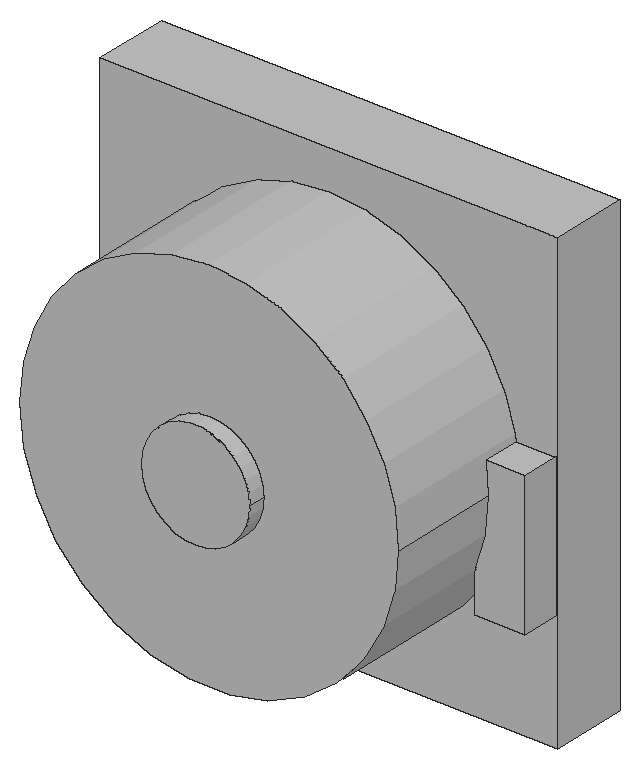
Revit family "ef-30_40b(t)sxc2_d(t)sxc2-fq_50Hz", category 機械設備, Revit 2019
Family settings
  丸型コネクタ寸法 = 直径を使用
  パーツ タイプ = 標準
  OmniClass 番号 = 23.75.35.21.17
  OmniClass タイトル = Industrial Ventilating Equipment
  作業面ベース = いいえ
  常に垂直 = はい
  ロード時にボイドで切り取り = はい
  共有 = いいえ
  部屋計算ポイント = はい
Parameters (values of type "EF-30BSXC2-FQ")
  騒音レベル(dB(A)) [instance] = 44
  風量 [instance] = 設計風量  # 0.0 m³/h
  電源種別 [instance] = ""
  電圧 = 100 V
  電動機出力 = 50 W
  電動機_種別 [instance] = ""
  運転質量 = 0.00 kg
  連動 [instance] = ""
  質量 = if(製品質量 > 運転質量, 製品質量, 運転質量) * 1.2  # 8.40 kg
  負荷分類 = 3_ファン類
  説明 = "産業用有圧換気扇 低騒音形ステンレスタイプ オールステンレス高耐食タイプ 給気専用"
  設計風量 [instance] = 0.0 m³/h
  設置方法 = "壁付"
  記号 [instance] = ""
  製造元 = "三菱電機株式会社"
  製品質量 = 7.00 kg
  製品出荷対象 = "国内"
  製品リリース年月 = "2022年6月1日"
  製品グループ = ""
  羽根径 = "∅300"
  レグ_Depth = 207.9 mm
  系統 [instance] = ""
  符号 [instance] = if(☑給気／□排気, "FS", "FE")  # "FS"
  積算_科目 = ""
  積算_拾い区分 [instance] = ""
  相 = 1
  盤記号 [instance] = ""
  盤工事区分 = ""
  発停方法 [instance] = ""
  特殊仕様 [instance] = ""
  火災停止 [instance] = ""
  消費電力 = 63 W
  法定耐用年数 = "15"
  極数 = 2
  極 = 4
  材質 [instance] = ""
  操作・制御方式 = ""
  操作・制御スイッチ = ""
  排気量 [instance] = if(☑給気／□排気, 0.0 m³/h, 設計風量)  # 0.0 m³/h
  形式 = ""
  幹線記号 [instance] = ""
  対象室 [instance] = ""
  実風量 [instance] = 0.0 m³/h
  始動方式 [instance] = "直入"
  外気量 [instance] = if(☑給気／□排気, 設計風量, 0.0 m³/h)  # 0.0 m³/h
  呼称 = "有圧扇"
  周波数 = 50 Hz
  参照している仕様書等のバージョン = ""
  分類コード = "50052503100110"
  分類グループ = ""
  価格 = 283000
  企業コード = "108420"
  付属品_防振装置 = ""
  付属品 [instance] = ""
  仕様書バージョン = "Version1.0"
  レグ_Width = 413 mm
  レグ_Height = 413 mm
  モーター径 = 99 mm
  モデル = "EF-30BSXC2-FQ"
  ボックス_Width = 46.1 mm
  ボックス_Height = 130.6 mm
  ボックス_Depth = 105.8 mm
  フレームの厚さ = 71 mm
  ファンの種類 = "軸流羽根"
  コメント [instance] = ""
  Keynote = ""
  オリフィス_Depth = 45 mm
  ☑給気／□排気 [instance] = yes
  Width = 420 mm
  Version = ""
  Uniclass2015Version = "Systems v1.9"
  Uniclass2015Title = "Propeller fans"
  Uniclass2015Code = "Pr_65_67_29_67"
  URL = "https://www.mitsubishielectric.co.jp/ldg/wink/ssl/displayProduct.do?pid=319156"
  SpecificationReference = ""
  SpecificationDescription = ""
  Revision = ""
  ProductInformation = ""
  OmniClassCode = "23-33 31 19 11 17"
  MIN風量 = 0.0 m³/h
  MID風量 = 0.0 m³/h
  MAX風量 = 1680.0 m³/h
  IfcTypeProduct = ""
  IfcProduct = ""
  IfcExportType = "TUBEAXIAL"
  IfcExportAs = "IfcFanType"
  Height = 420 mm
  オリフィス径 = 348 mm
  Depth = 224 mm
  Box_W = 162 mm
  Box_H = 108.2 mm
  Author = "三菱電機株式会社"
Types (6, lengths in mm): name | 騒音レベル(dB(A)) | 電圧 | 電動機出力 | 質量 | 製品質量 | 羽根径 | レグ_Depth | 相 | 消費電力 | 極数 | 価格 | モーター径 | モデル | ボックス_Width | ボックス_Height | ボックス_Depth | Width | URL | MAX風量 | Height | オリフィス径 | Depth | Box_W | Box_H
  EF-30BSXC2-FQ | 44 | 100 V | 50 W | 8.40 kg | 7.00 kg | "∅300" | 207.9 | 1 | 63 W | 2 | 283000 | 99 | "EF-30BSXC2-FQ" | 46.1 | 130.6 | 105.8 | 420 | "https://www.mitsubishielectric.co.jp/ldg/wink/ssl/displayProduct.do?pid=319156" | 1680.0 m³/h | 420 | 348 | 224 | 162 | 108.2
  EF-40DSXC2-FQ | 52 | 100 V | 200 W | 18.00 kg | 15.00 kg | "∅400" | 249.9 | 1 | 130 W | 2 | 348000 | 113 | "EF-40DSXC2-FQ" | 46.7 | 131.4 | 118.8 | 520 | "https://www.mitsubishielectric.co.jp/ldg/wink/ssl/displayProduct.do?pid=318477" | 3760.0 m³/h | 520 | 476 | 286 | 213.3 | 184.8
  EF-30BTXC2-FQ_200V | 44 | 200 V | 50 W | 9.00 kg | 7.50 kg | "∅300" | 207.9 | 3 | 56 W | 3 | 283000 | 99 | "EF-30BTXC2-FQ" | 46.1 | 130.6 | 105.8 | 420 | "https://www.mitsubishielectric.co.jp/ldg/wink/ssl/displayProduct.do?pid=319162" | 1680.0 m³/h | 420 | 348 | 224 | 162 | 108.2
  EF-40DTXC2-FQ_200V | 53 | 200 V | 200 W | 18.00 kg | 15.00 kg | "∅400" | 249.9 | 3 | 124 W | 3 | 348000 | 113 | "EF-40DTXC2-FQ" | 46.7 | 131.4 | 118.8 | 520 | "https://www.mitsubishielectric.co.jp/ldg/wink/ssl/displayProduct.do?pid=318483" | 3760.0 m³/h | 520 | 476 | 286 | 213.3 | 184.8
  EF-30BTXC2-FQ_220V | 44.5 | 220 V | 50 W | 9.00 kg | 7.50 kg | "∅300" | 207.9 | 3 | 72.4 W | 3 | 283000 | 99 | "EF-30BTXC2-FQ" | 46.1 | 130.6 | 105.8 | 420 | "https://www.mitsubishielectric.co.jp/ldg/wink/ssl/displayProduct.do?pid=319162" | 1680.0 m³/h | 420 | 348 | 224 | 162 | 108.2
  EF-40DTXC2-FQ_220V | 53.5 | 220 V | 200 W | 18.00 kg | 15.00 kg | "∅400" | 249.9 | 3 | 135 W | 3 | 348000 | 113 | "EF-40DTXC2-FQ" | 46.7 | 131.4 | 118.8 | 520 | "https://www.mitsubishielectric.co.jp/ldg/wink/ssl/displayProduct.do?pid=318483" | 3760.0 m³/h | 520 | 476 | 286 | 213.3 | 184.8
Reference planes
  plane 1 "中心(正面/背面)": y = 0
  plane 2: z = 0
  plane 3 "中心(左/右)": x = 0
  plane 4: z = 0
  plane 5: through (212.832, -1524, 243.759) normal (-0.6508, 0, -0.7593)
  plane 6: through (-212.884, -1524, -243.751) normal (0.6508, 0, 0.7593)
  plane 7: through (208.307, -1524, -247.63) normal (-0.6508, 0, 0.7593)
  plane 8: z = 210
  plane 9: z = -210
  plane 10 "左": x = -210
  plane 11 "右": x = 210
  plane 12 "正面": y = -224
  plane 13: y = -71
  plane 14: through (-208.307, -1524, -247.63) normal (-0.6508, 0, -0.7593)
  plane 15: y = 26
  plane 16: y = 126
  plane 17: x = -250
  plane 18: x = 250
  plane 19: y = -105.8
  plane 20: y = -207.9
  plane 21: x = 162
  plane 22: x = 208.1
  plane 23: z = 28.8
  plane 24: z = -101.8
Forms (mm)
  Extrusion 1, solid, detail levels fine
    sketch origin (0, 0, 0) x (1, 0, 0) y (0, 1, 0)
      loop
        line (-210, 0) -> (-210, -71) -> (210, -71) -> (210, 0) -> (-210, 0)
    from -210 to 210
  Extrusion 2, solid, detail levels fine
    sketch origin (140, -23.659, 0) x (-1, 0, 0) y (0, 0, -1)
      loop
        circle (140, 0) r 49.5
    from 184.241 to 200.341
  Extrusion 3, solid
    sketch origin (0, -153.783, 0) x (1, 0, 0) y (0, 0, 1)
      loop
        circle (0, 0) r 174
    from -82.783 to 54.117
  Extrusion 4, solid
    sketch origin (0, -224, 0) x (0, 0, -1) y (1, 0, 0)
      loop
        line (-28.8, 162) -> (101.8, 162) -> (101.8, 208.1) -> (-28.8, 208.1) -> (-28.8, 162)
    from -153 to -118.2
Cuts and joins
  joined: Extrusion 3, Extrusion 4
Lines and regions (mm)
  Masking region 1, detail levels coarse+medium
    outline origin (0, 0, 0) x (1, 0, 0) y (0, 1, 0)
      loop
        line (-250, -224) -> (250, -224) -> (250, 26) -> (-250, 26) -> (-250, -224)
  Masking region 2, detail levels coarse+medium
    outline origin (0, 0, 0) x (1, 0, 0) y (0, 1, 0)
      loop
        line (-174, 26) -> (174, 26) -> (174, 126) -> (-174, 126) -> (-174, 26)
  symbolic lines, detail levels coarse+medium
    curve 1: circle (174, -223.9, 0) r 115 normal (0, 0, 1)
    curve 2: circle (-174, -223.9, 0) r 115 normal (0, 0, -1)
Dimensions and locks
  level to plane 4 = 0 mm
  equal spacing: plane 8, level, plane 9
  "Depth": plane 12 "正面" to plane 1 "中心(正面/背面)"  (x2)
  "Width": plane 10 "左" to plane 11 "右"
  "Height": plane 8 to plane 9
  "フレームの厚さ": plane 13 to plane 1 "中心(正面/背面)"
  plane 12 "正面" to plane 15 to plane 16 = 250 mm locked, 100 mm locked
  locked: plane 17 to plane 18 at 500
  "レグ_Depth": plane 1 "中心(正面/背面)" to plane 20
  equal spacing: plane 10 "左", plane 3 "中心(左/右)", plane 11 "右"
  "ボックス_Width": plane 22 to plane 21
  "ボックス_Height": plane 23 to plane 24
  "Box_H": plane 24 to plane 9
  "Box_W": plane 21 to plane 3 "中心(左/右)"
  "ボックス_Depth": plane 1 "中心(正面/背面)" to plane 19
  "オリフィス径": diameter of Extrusion 3 sketch curve
  "モーター径": diameter of Extrusion 2 sketch curve
  aligned and locked: level to plane 2
  aligned and locked: Extrusion 1 to plane 8
  aligned and locked: plane 10 "左" to Extrusion 1
  aligned and locked: Extrusion 1 to plane 11 "右"
  aligned and locked: plane 9 to Extrusion 1
  aligned and locked: Extrusion 1 to plane 13
  aligned and locked: Extrusion 1 to plane 1 "中心(正面/背面)"  (x5)
  aligned and locked: plane 12 "正面" to Extrusion 2
  aligned and locked: plane 1 "中心(正面/背面)" to Extrusion 1  (x2)
  aligned and locked: plane 4 to Extrusion 2 sketch curve
  aligned and locked: plane 12 "正面" to Masking region 1 sketch curve
  aligned and locked: plane 17 to Masking region 1 sketch curve
  aligned and locked: plane 15 to Masking region 1 sketch curve
  aligned and locked: plane 18 to Masking region 1 sketch curve
  aligned and locked: Masking region 2 sketch curve to plane 15
  aligned and locked: plane 16 to Masking region 2 sketch curve
  aligned and locked: Extrusion 3 to Extrusion 1
  aligned and locked: plane 20 to Extrusion 2
  aligned and locked: Extrusion 3 to plane 20
  aligned and locked: Extrusion 4 sketch curve to plane 23
  aligned and locked: plane 21 to Extrusion 4 sketch curve
  aligned and locked: plane 24 to Extrusion 4 sketch curve
  aligned and locked: Extrusion 4 sketch curve to plane 22
  aligned and locked: plane 13 to Extrusion 4
  aligned and locked: Extrusion 4 to plane 19
Automatic sketch dimensions
  Extrusion 1 sketch curve to plane 10 "左" = 0 mm
  Extrusion 1 sketch curve to plane 11 "右" = 0 mm
  Extrusion 1 sketch curve to plane 13 = 0 mm
  plane 1 "中心(正面/背面)" to Extrusion 1 sketch curve = 0 mm
  Extrusion 3 sketch curve to level = 0 mm
  Extrusion 3 sketch curve to plane 3 "中心(左/右)" = 0 mm
  curve 2 to plane 20 = 16 mm
  curve 1 to plane 20 = 16 mm
  curve 2 to plane 10 "左" = 36 mm
  Masking region 2 sketch curve to plane 10 "左" = 36 mm
  plane 11 "右" to curve 1 = 36 mm
  plane 11 "右" to Masking region 2 sketch curve = 36 mm
  Extrusion 2 sketch curve to plane 3 "中心(左/右)" = 0 mm
  radius of curve 1 = 115 mm
  radius of curve 2 = 115 mm
Connectors
  electrical at (210, -35.5, 0), driven by "電圧", driven by "負荷分類", driven by "消費電力", driven by "極数"
    settings: on Extrusion 1, index 2, voltage 100 V, apparent load 63 VA, apparent load phase1 0 VA, apparent load phase2 0 VA, apparent load phase3 0 VA, power factor 1, load classification "3_ファン類", number of poles 2, system type 30, power factor state 1, is connector primary yes, connector utility no, sub classification motor no, connector description ""
